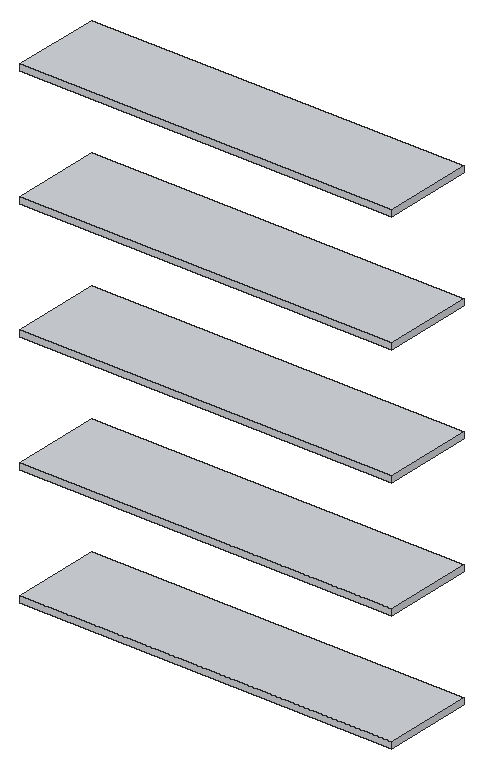
Revit family "Shelving_bb", category Furniture, Revit 2018
Family settings
  Work Plane-Based = No
  Always vertical = Yes
  Cut with Voids When Loaded = No
  Shared = No
  Room Calculation Point = No
Parameters
  width [instance] = 300 mm
  no_shelves [instance] = 5
  length [instance] = 1250 mm
  Spacing [instance] = 400 mm
Reference planes
  plane 1 "Center (Front/Back)": y = 0
  plane 2: z = 0
  plane 3 "Center (Left/Right)": x = 0
  plane 4: x = 625
  plane 5: x = -625
  plane 6: z = 500
  plane 7: z = 520
  plane 8: y = 300
  plane 9: z = 1700
  plane 10: z = 500
  plane 11: z = 920
Forms (mm)
  Extrusion 1, solid
    sketch origin (-150, 0, 0) x (1, 0, 0) y (0, 0, 1)
      loop
        line (-475, 500) -> (775, 500) -> (775, 520) -> (-475, 520) -> (-475, 500)
    from 0 to -300
  Extrusion 2, solid
    sketch origin (-150, 0, 400) x (1, 0, 0) y (0, 0, 1)
      loop
        line (-475, 500) -> (775, 500) -> (775, 520) -> (-475, 520) -> (-475, 500)
    from 0 to -300
  Extrusion 3, solid
    sketch origin (-150, 0, 800) x (1, 0, 0) y (0, 0, 1)
      loop
        line (-475, 500) -> (775, 500) -> (775, 520) -> (-475, 520) -> (-475, 500)
    from 0 to -300
  Extrusion 4, solid
    sketch origin (-150, 0, 1200) x (1, 0, 0) y (0, 0, 1)
      loop
        line (-475, 500) -> (775, 500) -> (775, 520) -> (-475, 520) -> (-475, 500)
    from 0 to -300
  Extrusion 5, solid
    sketch origin (-150, 0, 1600) x (1, 0, 0) y (0, 0, 1)
      loop
        line (-475, 500) -> (775, 500) -> (775, 520) -> (-475, 520) -> (-475, 500)
    from 0 to -300
Dimensions and locks
  equal spacing: plane 4, plane 3 "Center (Left/Right)", plane 5
  "length": plane 4 to plane 5
  "width": plane 1 "Center (Front/Back)" to plane 8
  equal spacing: group 1, group 2, group 3, group 4, group 5  (x3)
  "Spacing": plane 11 to plane 7
  aligned and locked: level to plane 2
  aligned and locked: Extrusion 1 to plane 8
  aligned and locked: plane 4 to Extrusion 1
  aligned and locked: Extrusion 1 to plane 5
  aligned and locked: plane 11 to Extrusion 2
Automatic sketch dimensions
  Extrusion 1 sketch curve to Extrusion 1 sketch curve = 20 mm
  Extrusion 1 sketch curve to Extrusion 1 sketch curve = 1250 mm
  Extrusion 2 sketch curve to Extrusion 2 sketch curve = 20 mm
  Extrusion 2 sketch curve to Extrusion 2 sketch curve = 1250 mm
  Extrusion 3 sketch curve to Extrusion 3 sketch curve = 20 mm
  Extrusion 3 sketch curve to Extrusion 3 sketch curve = 1250 mm
  Extrusion 4 sketch curve to Extrusion 4 sketch curve = 20 mm
  Extrusion 4 sketch curve to Extrusion 4 sketch curve = 1250 mm
  Extrusion 5 sketch curve to Extrusion 5 sketch curve = 20 mm
  Extrusion 5 sketch curve to Extrusion 5 sketch curve = 1250 mm
